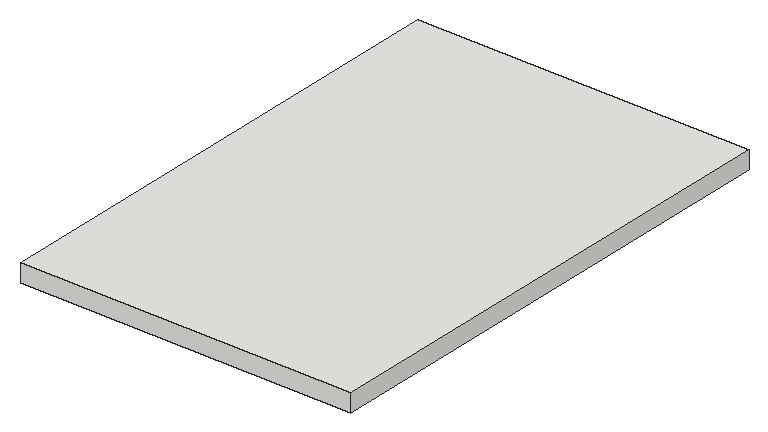
Revit family "SURVIVOR130xxWSxxxESGS0550x", category Leuchten, Revit 2024
Family settings
  Basisbauteil = Fläche
  Bemaßung runder Anschluss = Durchmesser verwenden
  Teiletyp = Normal
  OmniClass-Nummer = 23.80.70.11
  OmniClass-Titel = Luminaries for Internal Lighting
  Beim Laden mit Abzugskörper schneiden = Nein
  Lichtquelle = Ja
  Beschriftungsausrichtung beibehalten = Nein
  Gemeinsam genutzt = Nein
  Raumberechnungspunkt = Nein
Parameters (values of type "SURVIVOR130NDWS840ESGS0550-RF")
  width = 240 mm  # constant formula
  weight = "11"
  voltage type (AC, DC, UC) = "AC"
  rated input power = 35
  product name = "SURVIVOR130NDWS840ESGS0550-RF"
  nominal voltage = "230"
  nominal frequency = "50-60Hz"
  length = 1300 mm  # constant formula
  ingress protection (IP) code = "IP65"
  height = 73 mm  # constant formula
  electrical safety class = "1"
  control gear = ""
  conformity mark = "CE"  # constant formula
  brand = "RIDI"
  approval mark = ""
  built-in parameter 1150104 = 13.8 (stored number, unit not read)
  Wattage = 39.0462 W
  Von Breite des Rechtecks ausssenden = 1228 mm
  Von Länge des Rechtecks aussenden = 181 mm  # constant formula
  Default Elevation = 0 mm
  built-in parameter 1150113 = 1 (stored number, unit not read)
  built-in parameter 1114218 = 1 (stored number, unit not read)
  URL = "www.ridi.de"
  built-in parameter 1150134 = 12
  built-in parameter 1150109 = 1 (stored number, unit not read)
  built-in parameter 1150110 = 1 (stored number, unit not read)
  Apparent Load = 35 VA
  Tilt Angle = 90.00°
  Modell = "0622239//420"
  built-in parameter 1114217 = 1 (stored number, unit not read)
  built-in parameter 1150139 = (empty or 0)
  built-in parameter 1150105 = 461.55 (stored number, unit not read)
  built-in parameter 1150114 = 1 (stored number, unit not read)
  Lumens = 5800 lm
  built-in parameter 1150115 = 1 (stored number, unit not read)
  built-in parameter 1150112 = 1 (stored number, unit not read)
  Lampe = "LED"
  Hersteller = "RIDI Leuchten GmbH"  # constant formula
  Dimming Lamp Color Temperature Shift = (empty or 0)
  Color Filter = 16777215
  built-in parameter 1150133 = 10 (stored number, unit not read)
  Emit Shape Visible in Rendering = no
  built-in parameter 1150137 = (empty or 0)
  built-in parameter 1150132 = 2
  Datei für fotometrisches Netz = "SURVIVOR_ESGS.IES"
  Copyright = "© RIDI. All rights reserved."  # constant formula
  built-in parameter 1150106 = 4.6155 (stored number, unit not read)
  Baugruppenkennzeichen = "D5020200"
  built-in parameter 1150107 = 4000 (stored number, unit not read)
  built-in parameter 1150102 = (empty or 0)
  built-in parameter 1150138 = (empty or 0)
Types (5, lengths in mm): name | product name | Wattage | built-in parameter 1150134 | Modell | built-in parameter 1150105 | Lumens | built-in parameter 1150106 | built-in parameter 1150107
  (no name) | "SURVIVOR130NDWS840ESGS0550-RF" | 39.0462 W | 12 | "0622239//420" | 461.55 (stored number, unit not read) | 5800 lm | 4.6155 (stored number, unit not read) | 4000 (stored number, unit not read)
  SURVIVOR130DAWS830ESGS0550 | "SURVIVOR130DAWS830ESGS0550" | 37.9691 W | (empty or 0) | "0632235" | 448.82 (stored number, unit not read) | 5640 lm | 4.4882 (stored number, unit not read) | 3000 (stored number, unit not read)
  SURVIVOR130NDWS830ESGS0550-RF | "SURVIVOR130NDWS830ESGS0550-RF" | 37.0266 W | (empty or 0) | "0622235//420" | 437.68 (stored number, unit not read) | 5500 lm | 4.3768 (stored number, unit not read) | 3000 (stored number, unit not read)
  SURVIVOR130DAWS840ESGS0550 | "SURVIVOR130DAWS840ESGS0550" | 39.9887 W | 12 | "0632239" | 472.69 (stored number, unit not read) | 5940 lm | 4.7269 (stored number, unit not read) | 4000 (stored number, unit not read)
  SURVIVOR130NDWS840ESGS0550-RF | "SURVIVOR130NDWS840ESGS0550-RF" | 39.0462 W | 12 | "0622239//420" | 461.55 (stored number, unit not read) | 5800 lm | 4.6155 (stored number, unit not read) | 4000 (stored number, unit not read)
Reference planes
  plane 1 "Mitte (Vorne/hinten)": y = 0
  plane 2: z = 0
  plane 3 "Mitte (Links/rechts)": x = 0
  plane 4: z = 1200
Forms (mm)
  Extrusion 1, solid
    sketch origin (219.2, 280.8, 0) x (1, 0, 0) y (0, 1, 0)
      loop
        line (-1219.2, 1219.2) -> (-1219.2, -1780.8) -> (780.8, -1780.8) -> (780.8, 1219.2) -> (-1219.2, 1219.2)
    from 0 to -107.307
Dimensions and locks
  plane 4 to Extrusion 1 = 1200 mm
  aligned and locked: plane 2 to Extrusion 1
  aligned and locked: level to Extrusion 1
  aligned and locked: import instance to Extrusion 1
Connectors
  electrical at (53.526, -623.6, 2.275), driven by "Apparent Load"
    settings: on import instance, index 1, voltage 230 V, apparent load 0 VA, apparent load phase1 35 VA, apparent load phase2 0 VA, apparent load phase3 0 VA, power factor 1, load classification "Lighting", number of poles 1, system type 31, power factor state 1, is connector primary yes, connector utility no, sub classification motor no, connector description ""
